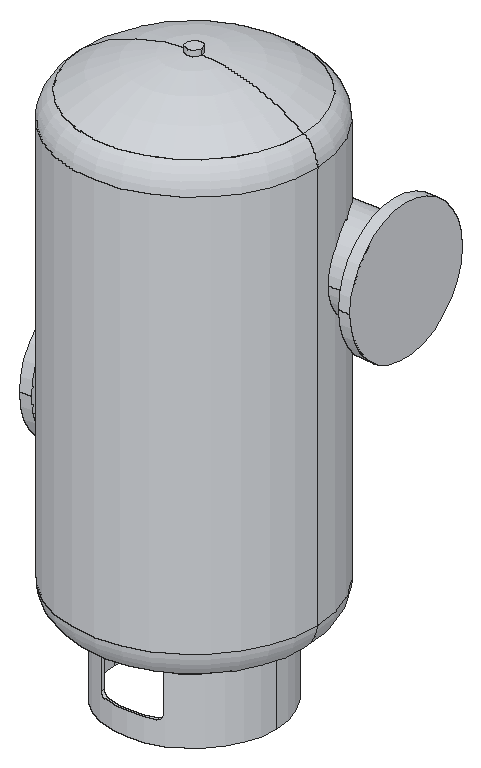
Revit family
Parameters (values of type "8-AS-L 125# W.P.")
  Weight = "375 lbs"
  Top to Inlet = 16.750"
  Top Connection Radius = 0.375"
  Top Connection Diameter = Top Connection Radius * 2  # 0.750"
  Tank Height = 55.813"
  Tangential = yes
  Tank Height Less Stand = 51.500"
  Tank Diameter = 24.000"
  Pipe Location off CL = 5.688"
  Outlet Pipe Flange Conn. Radius = Outlet Pipe Flange Conn / 2  # 4.000"
  Outlet Pipe Flange Conn = 8.000"
  Nipple Connection Radius = 2.000"
  Model = "8\"-AS-L"
  Pressure Drop = ".41"
  Max Operating Temp = "350 DEG F"
  Max Operating Pressure = "125 PSI"
  Manufacturer = "Amtrol"
  Inlet CL to Outlet CL = 14.000"
  Inlet Pipe Flange Conn = 8.000"
  Inlet Pipe Flange Conn. Radius = Inlet Pipe Flange Conn / 2  # 4.000"
  Flow (GPM) = "950"
  Flange to Flange Height = 32.000"
  CL to Outlet Flange = 16.000"
  Bottom Connection Radius = Bottom Connection Diameter / 2  # 0.375"
  Bottom Connection Diameter = 0.750"
  ASME = yes
Types (5): name | Tank Height Less Stand | Max Operating Pressure
  (no name) | 51.500" | "125 PSI"
  8-AS-L 125# W.P. | 51.500" | "125 PSI"
  8-AS-L 150# W.P. 10 BAR | 51.500" | "150 PSI"
  8-AS-L 250# W.P. | 52.625" | "250 PSI"
  8-AS-L 300# W.P. | 52.625" | "300 PSI"
Reference planes (in)
  plane 1 "Center (Front/Back)": y = 0
  plane 2: z = 0
  plane 3 "Center (Left/Right)": x = 0
Forms (in)
  Revolve 1, solid
    sketch origin (0, 0, 0) x (1, 0, 0) y (0, 0, 1)
      loop
        arc (0, 0.5538) -> (5.59505, 1.41193) -> (10.65255, 3.95412) r 18.125
        arc (10.65255, 3.95412) -> (11.59548, 5.01076) -> (11.99952, 6.36809) r 3.25
        line (11.99952, 6.36809) -> (11.99952, 46.09589)
        arc (11.99952, 46.09589) -> (11.61715, 47.49692) -> (10.66274, 48.59153) r 3.25
        arc (10.66274, 48.59153) -> (5.60578, 51.16778) -> (0, 52.0538) r 18.125
        line (0, 52.0538) -> (0, 0.5538)
      axis (0, 0.5538) -> (0, 52.0538)
    angle from 0 to 360
  Extrusion 2, solid
    sketch origin (0, 0, 4.33383) x (0, 1, 0) y (0, 0, 1)
      loop
        circle (5.688, 30.91803) r 4.3125
    from 0.99997 to 14.87997
  Extrusion 3, solid
    sketch origin (3.35821, 0, 8.25512) x (0, 1, 0) y (0, 0, 1)
      loop
        circle (5.688, 26.99674) r 6.75
    from 11.52176 to 12.64176
  Extrusion 4, solid
    sketch origin (0, 0, 0.63219) x (0, 1, 0) y (0, 0, 1)
      loop
        circle (5.688, 16.61967) r 6.75
    from -14.88 to -16
  Sweep 5, solid
    path origin (0.02137, 0, 28.82036) x (1, 0, 0) y (0, 0, 1)
      loop
        line (0, 23.1815) -> (0, 23.6875)
    profile origin (0.02137, 0, 52.25486) x (-1, 0, 0) y (0, -1, 0)
      loop
        circle (0, 0) r 0.75
  Sweep 6, solid
    path origin (0, 0, 0) x (1, 0, 0) y (0, 0, 1)
      loop
        line (0, 0) -> (0, 0.5538)
    profile origin (0, 0, 0.2769) x (-1, 0, 0) y (0, -1, 0)
      loop
        circle (0, 0) r 0.75
  Extrusion 7, solid
    sketch origin (0, 0, 0) x (1, 0, 0) y (0, 1, 0)
      loop
        circle (0, 0) r 8
      loop
        circle (0, 0) r 7.75
    from 2.75832 to -4.03563
  Extrusion 8, void
    sketch origin (0, 0, 0) x (1, 0, 0) y (0, 0, 1)
      loop
        line (-3, 2.75832) -> (-3, -1.28563)
        arc (-3, -1.28563) -> (-2.85355, -1.63919) -> (-2.5, -1.78563) r 0.5
        line (-2.5, -1.78563) -> (2.5, -1.78563)
        arc (2.5, -1.78563) -> (2.85355, -1.63919) -> (3, -1.28563) r 0.5
        line (3, -1.28563) -> (3, 2.75832) -> (-3, 2.75832)
    from 4.41095 to 9.57176
  Extrusion 9, solid
    sketch origin (0, 0, 0) x (0, 1, 0) y (0, 0, 1)
      loop
        circle (5.688, 17.25186) r 4.3125
    from -14.88 to 0
Cuts and joins
  Extrusion 8 cuts Sweep 6
  Extrusion 8 cuts Extrusion 7
Text (in)
  text "INLET" at (18.87338, 0, 38.81839), in view "Front"
  text "OUTLET" at (-25.24868, 0, 15.0752), in view "Front"
Dimensions and locks (in)
  "Pipe Location off CL": plane 1 "Center (Front/Back)" to Extrusion 2 sketch curve
  "Pipe Location off CL": Extrusion 4 sketch curve to plane 1 "Center (Front/Back)"
  "Pipe Location off CL": Extrusion 3 sketch curve to plane 1 "Center (Front/Back)"
  "CL to Outlet Flange": Extrusion 4 to plane 3 "Center (Left/Right)"
  "Top to Inlet": Sweep 5 to Extrusion 3 sketch curve
  "Top to Inlet": Sweep 5 to Extrusion 2 sketch curve
  Sweep 5 to Extrusion 4 sketch curve = 34.750"
  "Tank Height Less Stand": Revolve 1 sketch curve to Revolve 1 sketch curve
  Revolve 1 sketch curve to Revolve 1 sketch curve = 11.99952"
  Revolve 1 sketch curve to Revolve 1 sketch curve = 14.875"
  Sweep 5 sketch curve to Revolve 1 = 5.90597"
  "Pipe Location off CL": plane 1 "Center (Front/Back)" to Extrusion 9 sketch curve
  locked: Sweep 5 to Extrusion 9 sketch curve at 34.75
  radius of Revolve 1 sketch curve = 18.125"  (x2)
  radius of Revolve 1 sketch curve = 3.250"  (x2)
  aligned and locked: Extrusion 2 to Extrusion 3
  aligned and locked: cut or joined group of Sweep 6, Extrusion 8 to Revolve 1 sketch curve
  aligned and locked: Revolve 1 sketch curve to Revolve 1 sketch curve
  aligned and locked: plane 3 "Center (Left/Right)" to Extrusion 9
Automatic sketch dimensions
  plane 3 "Center (Left/Right)" to Sweep 5 sketch curve = 0.02137"
  Sweep 5 sketch curve to Sweep 5 sketch curve = 0.506"
  plane 1 "Center (Front/Back)" to Sweep 5 sketch curve = 0.000"
  Sweep 5 sketch curve to profile plane = 0.000"
  Sweep 6 sketch curve to plane 3 "Center (Left/Right)" = 0.000"
  Sweep 6 sketch curve to level = 0.000"
  level to Sweep 6 sketch curve = 0.5538"
  plane 1 "Center (Front/Back)" to Sweep 6 sketch curve = 0.000"
  Sweep 6 sketch curve to profile plane = 0.000"
  Extrusion 7 sketch curve to Extrusion 7 sketch curve = 0.000"  (x2)
  plane 1 "Center (Front/Back)" to Extrusion 7 sketch curve = 0.000"
  Extrusion 7 sketch curve to plane 3 "Center (Left/Right)" = 0.000"
  Extrusion 8 sketch curve to plane 3 "Center (Left/Right)" = 3.000"
  Extrusion 8 sketch curve to Extrusion 8 sketch curve = 0.500"  (x2)
  Extrusion 8 sketch curve to level = 1.28563"
  plane 3 "Center (Left/Right)" to Extrusion 8 sketch curve = 2.500"
  level to Extrusion 8 sketch curve = 2.75832"
  Revolve 1 sketch curve to plane 3 "Center (Left/Right)" = 0.000"
  plane 3 "Center (Left/Right)" to Revolve 1 sketch curve = 0.00816"
  plane 3 "Center (Left/Right)" to Revolve 1 sketch curve = 0.08348"
  Revolve 1 sketch curve to Revolve 1 sketch curve = 1.89514"
  Revolve 1 sketch curve to Revolve 1 sketch curve = 1.33678"
  Revolve 1 sketch curve to Revolve 1 sketch curve = 0.000"  (x2)
  Revolve 1 sketch curve to Revolve 1 sketch curve = 7.500"
  radius of Extrusion 2 sketch curve = 4.3125"
  radius of Extrusion 3 sketch curve = 6.750"
  radius of Extrusion 4 sketch curve = 6.750"
  radius of Sweep 5 sketch curve = 0.750"
  radius of Sweep 6 sketch curve = 0.750"
  radius of Extrusion 7 sketch curve = 8.000"
  radius of Extrusion 7 sketch curve = 7.750"
  radius of Extrusion 9 sketch curve = 4.3125"
Connectors (in)
  piping at (0.02137, 0, 52.50786), driven by "Top Connection Radius"
    settings: on Sweep 5, index 3
  piping at (-16, 5.688, 17.25186), driven by "Outlet Pipe Flange Conn. Radius"
    settings: on Extrusion 4, index 4
  piping at (0, 0, 0), driven by "Bottom Connection Radius"
    settings: on Sweep 6, index 5
  piping at (15.99997, 5.688, 35.25186), driven by "Inlet Pipe Flange Conn. Radius"
    settings: on Extrusion 3, index 6
